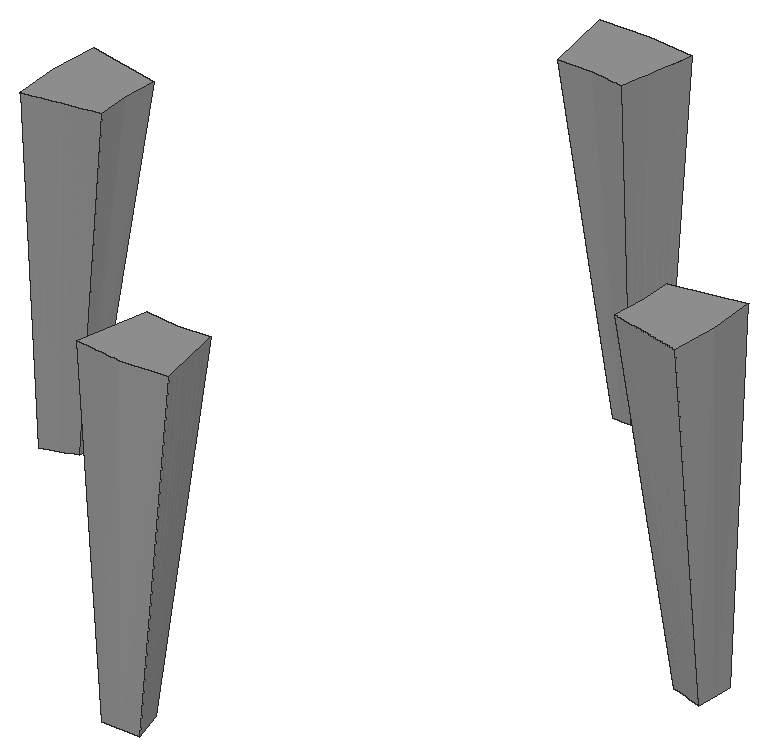
Revit family "Andreu World_Sistema SP_BM7176", category Mobiliario, Revit 2014
Parameters (values of type "BM-7176_H300_Lacquered")
  Wood = Andreu World Lacquered
  URL = "https://www.andreuworld.com"
  Top Radio = 300 mm
  Top D = 600 mm
  Modelo = "Sistema SP"  # constant formula
  Height = 300 mm
  Fabricante = "Andreu World"  # constant formula
  Descripción = "Set 4 legs. 300mm height. For round tables."
  D1 int = Top D - 130 mm  # 470 mm
  D int = Top D - 60 mm  # 540 mm
Reference planes
  plane 1 "Centro (Frontal/Posterior)": y = 0
  plane 2: z = 0
  plane 3 "Centro (Izquierda/Derecha)": x = 0
  plane 4 "Legs Height": z = 300
Forms (mm)
  Blend 1, solid, material "Andreu World Lacquered" <- "Wood", detail levels medium+fine
    base sketch origin (0, 0, 0) x (1, 0, 0) y (0, 1, 0)
      loop
        arc (-299.499, 17.336) -> (-300, 0) -> (-299.499, -17.336) r 300
        line (-299.499, -17.336) -> (-269.874, -8.262)
        arc (-269.874, -8.262) -> (-270, 0) -> (-269.874, 8.262) r 270
        line (-269.874, 8.262) -> (-299.499, 17.336)
    top sketch origin (0, 0, 0) x (1, 0, 0) y (0, 1, 0)
      loop
        arc (-297.078, 41.772) -> (-300, 0) -> (-297.078, -41.772) r 300
        line (-297.078, -41.772) -> (-233.163, -29.33)
        arc (-233.163, -29.33) -> (-235, 0) -> (-233.163, 29.33) r 235
        line (-233.163, 29.33) -> (-297.078, 41.772)
    from 0 to 300
  Blend 2, solid, material "Andreu World Lacquered" <- "Wood", detail levels medium+fine
    base sketch origin (0, 0, 0) x (0, -1, 0) y (1, 0, 0)
      loop
        arc (-299.499, 17.336) -> (-300, 0) -> (-299.499, -17.336) r 300
        line (-299.499, -17.336) -> (-269.874, -8.262)
        arc (-269.874, -8.262) -> (-270, 0) -> (-269.874, 8.262) r 270
        line (-269.874, 8.262) -> (-299.499, 17.336)
    top sketch origin (0, 0, 0) x (0, -1, 0) y (1, 0, 0)
      loop
        arc (-297.078, 41.772) -> (-300, 0) -> (-297.078, -41.772) r 300
        line (-297.078, -41.772) -> (-233.163, -29.33)
        arc (-233.163, -29.33) -> (-235, 0) -> (-233.163, 29.33) r 235
        line (-233.163, 29.33) -> (-297.078, 41.772)
    from 0 to 300
  Blend 3, solid, material "Andreu World Lacquered" <- "Wood", detail levels medium+fine
    base sketch origin (0, 0, 0) x (0, 1, 0) y (-1, 0, 0)
      loop
        arc (-299.499, 17.336) -> (-300, 0) -> (-299.499, -17.336) r 300
        line (-299.499, -17.336) -> (-269.874, -8.262)
        arc (-269.874, -8.262) -> (-270, 0) -> (-269.874, 8.262) r 270
        line (-269.874, 8.262) -> (-299.499, 17.336)
    top sketch origin (0, 0, 0) x (0, 1, 0) y (-1, 0, 0)
      loop
        arc (-297.078, 41.772) -> (-300, 0) -> (-297.078, -41.772) r 300
        line (-297.078, -41.772) -> (-233.163, -29.33)
        arc (-233.163, -29.33) -> (-235, 0) -> (-233.163, 29.33) r 235
        line (-233.163, 29.33) -> (-297.078, 41.772)
    from 0 to 300
  Blend 4, solid, material "Andreu World Lacquered" <- "Wood", detail levels medium+fine
    base sketch origin (0, 0, 0) x (-1, 0, 0) y (0, -1, 0)
      loop
        arc (-299.499, 17.336) -> (-300, 0) -> (-299.499, -17.336) r 300
        line (-299.499, -17.336) -> (-269.874, -8.262)
        arc (-269.874, -8.262) -> (-270, 0) -> (-269.874, 8.262) r 270
        line (-269.874, 8.262) -> (-299.499, 17.336)
    top sketch origin (0, 0, 0) x (-1, 0, 0) y (0, -1, 0)
      loop
        arc (-297.078, 41.772) -> (-300, 0) -> (-297.078, -41.772) r 300
        line (-297.078, -41.772) -> (-233.163, -29.33)
        arc (-233.163, -29.33) -> (-235, 0) -> (-233.163, 29.33) r 235
        line (-233.163, 29.33) -> (-297.078, 41.772)
    from 0 to 300
Lines and regions (mm)
  model lines, detail levels coarse+medium
    curve 1: arc (17.336, -299.499, 0) -> (0, -300, 0) -> (-17.336, -299.499, 0) r 300
    curve 2: line (8.262, -269.874, 0) -> (17.336, -299.499, 0)
    curve 3: arc (-8.262, -269.874, 0) -> (0, -270, 0) -> (8.262, -269.874, 0) r 270
    curve 4: line (-17.336, -299.499, 0) -> (-8.262, -269.874, 0)
    curve 5: line (-29.33, -233.163, 0) -> (-41.772, -297.078, 0)
    curve 6: arc (-41.772, -297.078, 0) -> (0, -300, 0) -> (41.772, -297.078, 0) r 300
    curve 7: line (41.772, -297.078, 0) -> (29.33, -233.163, 0)
    curve 8: arc (29.33, -233.163, 0) -> (0, -235, 0) -> (-29.33, -233.163, 0) r 235
    curve 9: line (-299.499, 17.336, 0) -> (-269.874, 8.262, 0)
    curve 10: arc (-269.874, 8.262, 0) -> (-270, 0, 0) -> (-269.874, -8.262, 0) r 270
    curve 11: line (-269.874, -8.262, 0) -> (-299.499, -17.336, 0)
    curve 12: arc (-269.874, 8.262, 0) -> (-270, 0, 0) -> (-269.874, -8.262, 0) r 270
    curve 13: arc (-299.499, -17.336, 0) -> (-300, 0, 0) -> (-299.499, 17.336, 0) r 300
    curve 14: line (-297.078, -41.772, 0) -> (-233.163, -29.33, 0)
    curve 15: arc (-233.163, -29.33, 0) -> (-235, 0, 0) -> (-233.163, 29.33, 0) r 235
    curve 16: line (-233.163, 29.33, 0) -> (-297.078, 41.772, 0)
    curve 17: arc (-297.078, 41.772, 0) -> (-300, 0, 0) -> (-297.078, -41.772, 0) r 300
    curve 18: arc (-17.336, 299.499, 0) -> (0, 300, 0) -> (17.336, 299.499, 0) r 300
    curve 19: line (-8.262, 269.874, 0) -> (-17.336, 299.499, 0)
    curve 20: arc (8.262, 269.874, 0) -> (0, 270, 0) -> (-8.262, 269.874, 0) r 270
    curve 21: line (17.336, 299.499, 0) -> (8.262, 269.874, 0)
    curve 22: arc (-29.33, 233.163, 0) -> (0, 235, 0) -> (29.33, 233.163, 0) r 235
    curve 23: line (29.33, 233.163, 0) -> (41.772, 297.078, 0)
    curve 24: arc (41.772, 297.078, 0) -> (0, 300, 0) -> (-41.772, 297.078, 0) r 300
    curve 25: line (-41.772, 297.078, 0) -> (-29.33, 233.163, 0)
    curve 26: line (299.499, -17.336, 0) -> (269.874, -8.262, 0)
    curve 27: arc (269.874, -8.262, 0) -> (270, 0, 0) -> (269.874, 8.262, 0) r 270
    curve 28: line (269.874, 8.262, 0) -> (299.499, 17.336, 0)
    curve 29: arc (299.499, 17.336, 0) -> (300, 0, 0) -> (299.499, -17.336, 0) r 300
    curve 30: arc (297.078, -41.772, 0) -> (300, 0, 0) -> (297.078, 41.772, 0) r 300
    curve 31: line (297.078, 41.772, 0) -> (233.163, 29.33, 0)
    curve 32: arc (233.163, 29.33, 0) -> (235, 0, 0) -> (233.163, -29.33, 0) r 235
    curve 33: line (233.163, -29.33, 0) -> (297.078, -41.772, 0)
Dimensions and locks
  "Height": plane 4 "Legs Height" to level
  "Top D": diameter of Blend 1 sketch curve  (x2)
  "D int": diameter of Blend 1 sketch curve
  "D1 int": diameter of Blend 1 sketch curve
  "Top D": diameter of Blend 2 sketch curve  (x2)
  "D int": diameter of Blend 2 sketch curve
  "D1 int": diameter of Blend 2 sketch curve
  "Top D": diameter of Blend 3 sketch curve  (x2)
  "D int": diameter of Blend 3 sketch curve
  "D1 int": diameter of Blend 3 sketch curve
  "Top D": diameter of Blend 4 sketch curve  (x2)
  "D int": diameter of Blend 4 sketch curve
  "D1 int": diameter of Blend 4 sketch curve
  aligned and locked: level to plane 2
  aligned and locked: plane 4 "Legs Height" to Blend 1
  aligned and locked: plane 4 "Legs Height" to Blend 3
  aligned and locked: plane 4 "Legs Height" to Blend 2
  aligned and locked: plane 4 "Legs Height" to Blend 4
  aligned and locked: curve 1 to Blend 3
  aligned and locked: curve 2 to Blend 3
  aligned and locked: curve 3 to Blend 3
  aligned and locked: curve 4 to Blend 3
  aligned and locked: curve 5 to Blend 3
  aligned and locked: curve 6 to Blend 3
  aligned and locked: curve 7 to Blend 3
  aligned and locked: curve 8 to Blend 3
  aligned and locked: curve 9 to Blend 1
  aligned and locked: curve 10 to Blend 1
  aligned and locked: curve 11 to Blend 1
  aligned and locked: curve 12 to Blend 1
  aligned and locked: curve 13 to Blend 1
  aligned and locked: curve 14 to Blend 1
  aligned and locked: curve 15 to Blend 1
  aligned and locked: curve 16 to Blend 1
  aligned and locked: curve 17 to Blend 1
  aligned and locked: curve 18 to Blend 2
  aligned and locked: curve 19 to Blend 2
  aligned and locked: curve 20 to Blend 2
  aligned and locked: curve 21 to Blend 2
  aligned and locked: curve 22 to Blend 2
  aligned and locked: curve 23 to Blend 2
  aligned and locked: curve 24 to Blend 2
  aligned and locked: curve 25 to Blend 2
  aligned and locked: curve 26 to Blend 4
  aligned and locked: curve 27 to Blend 4
  aligned and locked: curve 28 to Blend 4
  aligned and locked: curve 29 to Blend 4
  aligned and locked: curve 30 to Blend 4
  aligned and locked: curve 31 to Blend 4
  aligned and locked: curve 32 to Blend 4
  aligned and locked: curve 33 to Blend 4
Automatic sketch dimensions
  plane 1 "Centro (Frontal/Posterior)" to curve 11 = 17.336 mm
  plane 1 "Centro (Frontal/Posterior)" to curve 11 = 8.262 mm
  curve 28 to plane 1 "Centro (Frontal/Posterior)" = 8.262 mm
  curve 28 to plane 1 "Centro (Frontal/Posterior)" = 17.336 mm
  Blend 1 sketch curve to Blend 1 sketch curve = 0 mm  (x8)
  plane 1 "Centro (Frontal/Posterior)" to Blend 1 sketch curve = 0 mm  (x2)
  Blend 1 sketch curve to plane 3 "Centro (Izquierda/Derecha)" = 0 mm  (x2)
  plane 1 "Centro (Frontal/Posterior)" to Blend 1 sketch curve = 8.262 mm
  plane 1 "Centro (Frontal/Posterior)" to Blend 1 sketch curve = 17.336 mm
  Blend 1 sketch curve to plane 1 "Centro (Frontal/Posterior)" = 8.262 mm
  Blend 1 sketch curve to plane 1 "Centro (Frontal/Posterior)" = 17.336 mm
  plane 1 "Centro (Frontal/Posterior)" to Blend 1 sketch curve = 29.33 mm
  plane 1 "Centro (Frontal/Posterior)" to Blend 1 sketch curve = 41.772 mm
  Blend 1 sketch curve to plane 1 "Centro (Frontal/Posterior)" = 29.33 mm
  Blend 1 sketch curve to plane 1 "Centro (Frontal/Posterior)" = 41.772 mm
  Blend 2 sketch curve to Blend 2 sketch curve = 0 mm  (x8)
  plane 1 "Centro (Frontal/Posterior)" to Blend 2 sketch curve = 0 mm  (x2)
  Blend 2 sketch curve to plane 3 "Centro (Izquierda/Derecha)" = 0 mm  (x2)
  Blend 2 sketch curve to plane 3 "Centro (Izquierda/Derecha)" = 8.262 mm
  Blend 2 sketch curve to plane 3 "Centro (Izquierda/Derecha)" = 17.336 mm
  plane 3 "Centro (Izquierda/Derecha)" to Blend 2 sketch curve = 8.262 mm
  plane 3 "Centro (Izquierda/Derecha)" to Blend 2 sketch curve = 17.336 mm
  Blend 2 sketch curve to plane 3 "Centro (Izquierda/Derecha)" = 29.33 mm
  Blend 2 sketch curve to plane 3 "Centro (Izquierda/Derecha)" = 41.772 mm
  plane 3 "Centro (Izquierda/Derecha)" to Blend 2 sketch curve = 29.33 mm
  plane 3 "Centro (Izquierda/Derecha)" to Blend 2 sketch curve = 41.772 mm
  Blend 3 sketch curve to Blend 3 sketch curve = 0 mm  (x8)
  plane 1 "Centro (Frontal/Posterior)" to Blend 3 sketch curve = 0 mm  (x2)
  Blend 3 sketch curve to plane 3 "Centro (Izquierda/Derecha)" = 0 mm  (x2)
  plane 3 "Centro (Izquierda/Derecha)" to Blend 3 sketch curve = 8.262 mm
  plane 3 "Centro (Izquierda/Derecha)" to Blend 3 sketch curve = 17.336 mm
  Blend 3 sketch curve to plane 3 "Centro (Izquierda/Derecha)" = 8.262 mm
  Blend 3 sketch curve to plane 3 "Centro (Izquierda/Derecha)" = 17.336 mm
  plane 3 "Centro (Izquierda/Derecha)" to Blend 3 sketch curve = 29.33 mm
  plane 3 "Centro (Izquierda/Derecha)" to Blend 3 sketch curve = 41.772 mm
  Blend 3 sketch curve to plane 3 "Centro (Izquierda/Derecha)" = 29.33 mm
  Blend 3 sketch curve to plane 3 "Centro (Izquierda/Derecha)" = 41.772 mm
  Blend 4 sketch curve to Blend 4 sketch curve = 0 mm  (x8)
  plane 1 "Centro (Frontal/Posterior)" to Blend 4 sketch curve = 0 mm  (x2)
  Blend 4 sketch curve to plane 3 "Centro (Izquierda/Derecha)" = 0 mm  (x2)
  Blend 4 sketch curve to plane 1 "Centro (Frontal/Posterior)" = 8.262 mm
  Blend 4 sketch curve to plane 1 "Centro (Frontal/Posterior)" = 17.336 mm
  plane 1 "Centro (Frontal/Posterior)" to Blend 4 sketch curve = 8.262 mm
  plane 1 "Centro (Frontal/Posterior)" to Blend 4 sketch curve = 17.336 mm
  Blend 4 sketch curve to plane 1 "Centro (Frontal/Posterior)" = 29.33 mm
  Blend 4 sketch curve to plane 1 "Centro (Frontal/Posterior)" = 41.772 mm
  plane 1 "Centro (Frontal/Posterior)" to Blend 4 sketch curve = 29.33 mm
  plane 1 "Centro (Frontal/Posterior)" to Blend 4 sketch curve = 41.772 mm
